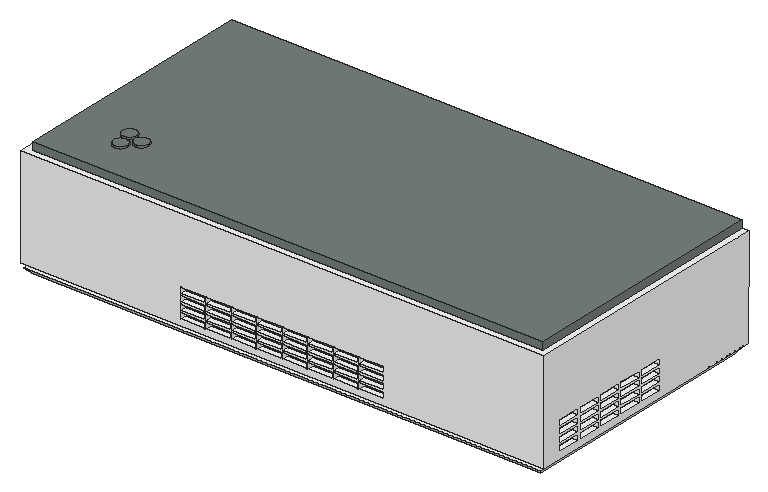
Revit family "AM 150 HBB", category Mechanical Equipment, Revit 2019
Family settings
  Round Connector Dimension = Use Diameter
  Part Type = Normal
  OmniClass Number = 23.75.00.00
  OmniClass Title = Climate Control (HVAC)
  Work Plane-Based = No
  Always vertical = Yes
  Cut with Voids When Loaded = No
  Shared = No
  Room Calculation Point = No
Parameters
  Weight (Standard Unit) = 47  # constant formula
  Water Heater Surface Return = 15 mm  # constant formula
  Water Heater Surface IN = 15 mm  # constant formula
  URL = "www.airmaster-as.com"
  Total Width = 1170 mm  # constant formula
  Total Hight = 262 mm  # constant formula
  T-C Duct Supply = 158 mm  # constant formula
  T-C Duct Exhaust = 158 mm  # constant formula
  Suply Air In = 125 mm  # constant formula
  R-C Duct Supply = 105 mm  # constant formula
  Phase 1 - Max Power Consumption = "1175 W"
  Phase 1 - Max Current = "7,97 A"
  Nominal current, electrical preheating surface = "4,35 A"
  Nominal current, electrical comfort heating surface = "2,17 A"
  Nominal current, air handling unit = "1,45 A"
  Network Conection = "AWG 24 CAT 5e STP"
  Model = "AM 150 HBB"
  Max. flow rate 35 dB(A) with ePM10 80% filters = 115.00 m³  # constant formula
  Max. flow rate 35 dB(A) with ePM10 55% filters = 126.00 m³  # constant formula
  Max. flow rate 35 dB(A) with ePM10 50% filters = 147.00 m³  # constant formula
  Max. flow rate 30 dB(A) with ePM10 80% filters = 85.00 m³  # constant formula
  Max. flow rate 30 dB(A) with ePM10 55% filters = 90.00 m³  # constant formula
  Max. flow rate 30 dB(A) with ePM10 50% filters = 115.00 m³  # constant formula
  Manufacturer = "Airmaster A/S"
  Maintenance [instance] = no
  L-C Duct Exhaust = 105 mm  # constant formula
  Exhaust Air = 125 mm  # constant formula
  Total Depth = 571 mm  # constant formula
  Electrical connection = "1 ~ 230 V / N / PE / 50 Hz"
  Drawn By = "LSB"
  Condensate = 6 mm  # constant formula
  BMS Panel = "(PTS) 2x2x0,6"
  BMS Out = "(PTS) 2x2x0,6"
  BMS IN = "(PTS) 2x2x0,6"
  Airlow area [instance] = no
Reference planes
  plane 1 "Center (Front/Back)": y = 0
  plane 2: z = 0
  plane 3 "Center (Left/Right)": x = 0
  plane 4 "Center L/S": y = -571
  plane 5 "Center L/T": x = -585
  plane 6 "Center L/U": x = 585
  plane 7 "TOP": z = 262
  plane 8 "Center L/V": x = -570
  plane 9 "Center L/W": y = -556
  plane 10 "Center L/X": x = 570
  plane 11 "Panel Buttom": z = 20.747
  plane 12 "Panel Top": z = 246.501
  plane 13 "Hatch": z = 14.5
Forms (mm)
  Extrusion 1, solid, material "AM Grey"
    sketch origin (0, 0, 0) x (1, 0, 0) y (0, 1, 0)
      loop
        line (-570, 0) -> (-570, -556) -> (570, -556) -> (570, 0) -> (-570, 0)
    from 14.5 to 262
  Extrusion 2, solid, material "AM White"
    sketch origin (794.5, -1524, 20.747) x (0, -1, 0) y (-1, 0, 0)
      loop
        line (-1524, 1379.5) -> (-1524, 1364.5) -> (-968, 1364.5) -> (-968, 224.5) -> (-1524, 224.5) -> (-1524, 209.5) -> (-953, 209.5) -> (-953, 1379.5) -> (-1524, 1379.5)
    from 0 to -225.754
  Blend 3, solid, material "AM White"
    base sketch origin (-790.646, -1524, 14.5) x (0, -1, 0) y (1, 0, 0)
      loop
        line (-953, 212.613) -> (-953, 1368.657) -> (-1524, 1368.657) -> (-1524, 212.613) -> (-953, 212.613)
    top sketch origin (-790.646, -1524, 14.5) x (0, -1, 0) y (1, 0, 0)
      loop
        line (-968, 223.963) -> (-968, 1357.646) -> (-1509.161, 1357.646) -> (-1509.161, 223.963) -> (-968, 223.963)
    from 0 to -14.5
  Extrusion 4, solid, material "AM Grey"
    sketch origin (-570, 0, 0) x (1, 0, 0) y (0, 0, -1)
      loop
        circle (1050, -104) r 62.5
    from 0 to 18.45
  Extrusion 5, solid, material "AM Grey"
    sketch origin (-785, 0, 0) x (1, 0, 0) y (0, 0, -1)
      loop
        circle (305, -104) r 62.5
    from 0 to 18.45
  Extrusion 6, solid, material "Maintenece", visible <- "Maintenance"
    sketch origin (-790.646, -1524, 0) x (1, 0, 0) y (0, -1, 0)
      loop
        line (205.646, -1524) -> (1375.646, -1524) -> (1375.646, -953) -> (205.646, -953) -> (205.646, -1524)
    from 0 to 1200
  Extrusion 7, solid, material "Maintenece", visible <- "Airlow area"
    sketch origin (590, 0, 24.45) x (0, -1, 0) y (0, 0, -1)
      loop
        line (0, -98.297) -> (571, -98.297) -> (571, 21) -> (0, 21) -> (0, -98.297)
    from 0 to 500
  Extrusion 8, solid, material "AM Grey"
    sketch origin (-876.982, -12.495, 262) x (1, 0, 0) y (0, 1, 0)
      loop
        circle (423.027, -417.273) r 15.55
    from 0 to 3
  Extrusion 9, solid, material "AM Grey"
    sketch origin (-866.134, 5.874, 262) x (1, 0, 0) y (0, 1, 0)
      loop
        circle (447.132, -446.023) r 15.55
    from 0 to 3
  Extrusion 10, solid, material "AM Grey"
    sketch origin (-855.713, -13.073, 262) x (1, 0, 0) y (0, 1, 0)
      loop
        circle (410.201, -452.535) r 15.55
    from 0 to 3
  Extrusion 11, void
    sketch origin (585, -571, 24.45) x (1, 0, 0) y (0, 0, -1)
      loop
        line (-811.5, -75.55) -> (-757.5, -75.55) -> (-757.5, -61.55) -> (-811.5, -61.55) -> (-811.5, -75.55)
      loop
        line (-811.5, -58.55) -> (-757.5, -58.55) -> (-757.5, -44.55) -> (-811.5, -44.55) -> (-811.5, -58.55)
      loop
        line (-811.5, -41.55) -> (-757.5, -41.55) -> (-757.5, -27.55) -> (-811.5, -27.55) -> (-811.5, -41.55)
      loop
        line (-811.5, -24.55) -> (-757.5, -24.55) -> (-757.5, -10.55) -> (-811.5, -10.55) -> (-811.5, -24.55)
      loop
        line (-754.5, -75.55) -> (-700.5, -75.55) -> (-700.5, -61.55) -> (-754.5, -61.55) -> (-754.5, -75.55)
      loop
        line (-754.5, -58.55) -> (-700.5, -58.55) -> (-700.5, -44.55) -> (-754.5, -44.55) -> (-754.5, -58.55)
      loop
        line (-754.5, -41.55) -> (-700.5, -41.55) -> (-700.5, -27.55) -> (-754.5, -27.55) -> (-754.5, -41.55)
      loop
        line (-754.5, -24.55) -> (-700.5, -24.55) -> (-700.5, -10.55) -> (-754.5, -10.55) -> (-754.5, -24.55)
      loop
        line (-697.5, -75.55) -> (-643.5, -75.55) -> (-643.5, -61.55) -> (-697.5, -61.55) -> (-697.5, -75.55)
      loop
        line (-697.5, -58.55) -> (-643.5, -58.55) -> (-643.5, -44.55) -> (-697.5, -44.55) -> (-697.5, -58.55)
      loop
        line (-697.5, -41.55) -> (-643.5, -41.55) -> (-643.5, -27.55) -> (-697.5, -27.55) -> (-697.5, -41.55)
      loop
        line (-697.5, -24.55) -> (-643.5, -24.55) -> (-643.5, -10.55) -> (-697.5, -10.55) -> (-697.5, -24.55)
      loop
        line (-640.5, -75.55) -> (-586.5, -75.55) -> (-586.5, -61.55) -> (-640.5, -61.55) -> (-640.5, -75.55)
      loop
        line (-640.5, -58.55) -> (-586.5, -58.55) -> (-586.5, -44.55) -> (-640.5, -44.55) -> (-640.5, -58.55)
      loop
        line (-640.5, -41.55) -> (-586.5, -41.55) -> (-586.5, -27.55) -> (-640.5, -27.55) -> (-640.5, -41.55)
      loop
        line (-640.5, -24.55) -> (-586.5, -24.55) -> (-586.5, -10.55) -> (-640.5, -10.55) -> (-640.5, -24.55)
      loop
        line (-583.5, -75.55) -> (-529.5, -75.55) -> (-529.5, -61.55) -> (-583.5, -61.55) -> (-583.5, -75.55)
      loop
        line (-583.5, -58.55) -> (-529.5, -58.55) -> (-529.5, -44.55) -> (-583.5, -44.55) -> (-583.5, -58.55)
      loop
        line (-583.5, -41.55) -> (-529.5, -41.55) -> (-529.5, -27.55) -> (-583.5, -27.55) -> (-583.5, -41.55)
      loop
        line (-583.5, -24.55) -> (-529.5, -24.55) -> (-529.5, -10.55) -> (-583.5, -10.55) -> (-583.5, -24.55)
      loop
        line (-526.5, -75.55) -> (-472.5, -75.55) -> (-472.5, -61.55) -> (-526.5, -61.55) -> (-526.5, -75.55)
      loop
        line (-526.5, -58.55) -> (-472.5, -58.55) -> (-472.5, -44.55) -> (-526.5, -44.55) -> (-526.5, -58.55)
      loop
        line (-526.5, -41.55) -> (-472.5, -41.55) -> (-472.5, -27.55) -> (-526.5, -27.55) -> (-526.5, -41.55)
      loop
        line (-526.5, -24.55) -> (-472.5, -24.55) -> (-472.5, -10.55) -> (-526.5, -10.55) -> (-526.5, -24.55)
      loop
        line (-469.5, -75.55) -> (-415.5, -75.55) -> (-415.5, -61.55) -> (-469.5, -61.55) -> (-469.5, -75.55)
      loop
        line (-469.5, -58.55) -> (-415.5, -58.55) -> (-415.5, -44.55) -> (-469.5, -44.55) -> (-469.5, -58.55)
      loop
        line (-469.5, -41.55) -> (-415.5, -41.55) -> (-415.5, -27.55) -> (-469.5, -27.55) -> (-469.5, -41.55)
      loop
        line (-469.5, -24.55) -> (-415.5, -24.55) -> (-415.5, -10.55) -> (-469.5, -10.55) -> (-469.5, -24.55)
      loop
        line (-412.5, -75.55) -> (-358.5, -75.55) -> (-358.5, -61.55) -> (-412.5, -61.55) -> (-412.5, -75.55)
      loop
        line (-412.5, -58.55) -> (-358.5, -58.55) -> (-358.5, -44.55) -> (-412.5, -44.55) -> (-412.5, -58.55)
      loop
        line (-412.5, -41.55) -> (-358.5, -41.55) -> (-358.5, -27.55) -> (-412.5, -27.55) -> (-412.5, -41.55)
      loop
        line (-412.5, -24.55) -> (-358.5, -24.55) -> (-358.5, -10.55) -> (-412.5, -10.55) -> (-412.5, -24.55)
    from 0 to 15
  Extrusion 12, void
    sketch origin (585, 0, 10.035) x (0, 1, 0) y (0, 0, -1)
      loop
        line (-529, -89.965) -> (-475, -89.965) -> (-475, -75.965) -> (-529, -75.965) -> (-529, -89.965)
      loop
        line (-529, -72.965) -> (-475, -72.965) -> (-475, -58.965) -> (-529, -58.965) -> (-529, -72.965)
      loop
        line (-529, -55.965) -> (-475, -55.965) -> (-475, -41.965) -> (-529, -41.965) -> (-529, -55.965)
      loop
        line (-529, -38.965) -> (-475, -38.965) -> (-475, -24.965) -> (-529, -24.965) -> (-529, -38.965)
      loop
        line (-472, -89.965) -> (-418, -89.965) -> (-418, -75.965) -> (-472, -75.965) -> (-472, -89.965)
      loop
        line (-472, -72.965) -> (-418, -72.965) -> (-418, -58.965) -> (-472, -58.965) -> (-472, -72.965)
      loop
        line (-472, -55.965) -> (-418, -55.965) -> (-418, -41.965) -> (-472, -41.965) -> (-472, -55.965)
      loop
        line (-472, -38.965) -> (-418, -38.965) -> (-418, -24.965) -> (-472, -24.965) -> (-472, -38.965)
      loop
        line (-415, -89.965) -> (-361, -89.965) -> (-361, -75.965) -> (-415, -75.965) -> (-415, -89.965)
      loop
        line (-415, -72.965) -> (-361, -72.965) -> (-361, -58.965) -> (-415, -58.965) -> (-415, -72.965)
      loop
        line (-415, -55.965) -> (-361, -55.965) -> (-361, -41.965) -> (-415, -41.965) -> (-415, -55.965)
      loop
        line (-415, -38.965) -> (-361, -38.965) -> (-361, -24.965) -> (-415, -24.965) -> (-415, -38.965)
      loop
        line (-358, -89.965) -> (-304, -89.965) -> (-304, -75.965) -> (-358, -75.965) -> (-358, -89.965)
      loop
        line (-358, -72.965) -> (-304, -72.965) -> (-304, -58.965) -> (-358, -58.965) -> (-358, -72.965)
      loop
        line (-358, -55.965) -> (-304, -55.965) -> (-304, -41.965) -> (-358, -41.965) -> (-358, -55.965)
      loop
        line (-358, -38.965) -> (-304, -38.965) -> (-304, -24.965) -> (-358, -24.965) -> (-358, -38.965)
      loop
        line (-301, -89.965) -> (-247, -89.965) -> (-247, -75.965) -> (-301, -75.965) -> (-301, -89.965)
      loop
        line (-301, -72.965) -> (-247, -72.965) -> (-247, -58.965) -> (-301, -58.965) -> (-301, -72.965)
      loop
        line (-301, -55.965) -> (-247, -55.965) -> (-247, -41.965) -> (-301, -41.965) -> (-301, -55.965)
      loop
        line (-301, -38.965) -> (-247, -38.965) -> (-247, -24.965) -> (-301, -24.965) -> (-301, -38.965)
    from 0 to 15
Cuts and joins
  Extrusion 11, Extrusion 12 cuts Extrusion 1
  Extrusion 11, Extrusion 12 cuts Extrusion 2
  Extrusion 12 cuts Extrusion 7
Dimensions and locks
  "Total Depth": plane 4 "Center L/S" to plane 1 "Center (Front/Back)"
  equal spacing: plane 5 "Center L/T", plane 3 "Center (Left/Right)", plane 6 "Center L/U"
  "Total Width": plane 5 "Center L/T" to plane 6 "Center L/U"
  "Total Hight": plane 7 "TOP" to level
  locked: plane 10 "Center L/X" to plane 6 "Center L/U" at 15
  locked: plane 4 "Center L/S" to plane 9 "Center L/W" at 15
  locked: plane 5 "Center L/T" to plane 8 "Center L/V" at 15
  Extrusion 1 to Blend 3 sketch curve = 14.839 mm
  "R-C Duct Supply": plane 6 "Center L/U" to Extrusion 4 sketch curve
  "T-C Duct Exhaust": Extrusion 5 sketch curve to plane 7 "TOP"
  "L-C Duct Exhaust": Extrusion 5 sketch curve to plane 5 "Center L/T"
  "T-C Duct Supply": plane 7 "TOP" to Extrusion 4 sketch curve
  plane 11 "Panel Buttom" to level = 20.747 mm
  plane 7 "TOP" to plane 12 "Panel Top" = 15.499 mm
  "Suply Air In": diameter of Extrusion 4 sketch curve
  "Exhaust Air": diameter of Extrusion 5 sketch curve
  aligned and locked: level to plane 2
  aligned and locked: plane 1 "Center (Front/Back)" to Extrusion 1 sketch curve
  aligned and locked: plane 8 "Center L/V" to Extrusion 1 sketch curve
  aligned and locked: Extrusion 1 sketch curve to plane 9 "Center L/W"
  aligned and locked: Extrusion 1 sketch curve to plane 10 "Center L/X"
  aligned and locked: plane 7 "TOP" to Extrusion 1
  aligned and locked: plane 5 "Center L/T" to Extrusion 2 sketch curve
  aligned and locked: plane 4 "Center L/S" to Extrusion 2 sketch curve
  aligned and locked: plane 6 "Center L/U" to Extrusion 2 sketch curve
  aligned and locked: Extrusion 2 sketch curve to Extrusion 1  (x3)
  aligned and locked: plane 1 "Center (Front/Back)" to Extrusion 2 sketch curve
  aligned and locked: Extrusion 2 to plane 12 "Panel Top"
  aligned and locked: Blend 3 to plane 2
  aligned and locked: plane 13 "Hatch" to Extrusion 1
Automatic sketch dimensions
  plane 1 "Center (Front/Back)" to Extrusion 2 sketch curve = 0 mm
  plane 1 "Center (Front/Back)" to Blend 3 sketch curve = 0 mm
  plane 4 "Center L/S" to Blend 3 sketch curve = 0 mm
  plane 5 "Center L/T" to Blend 3 sketch curve = 6.967 mm
  Blend 3 sketch curve to plane 6 "Center L/U" = 6.989 mm
  plane 9 "Center L/W" to Blend 3 sketch curve = 0 mm
  plane 8 "Center L/V" to Blend 3 sketch curve = 3.316 mm
  Blend 3 sketch curve to plane 10 "Center L/X" = 3 mm
  Extrusion 6 sketch curve to Blend 3 = 18.316 mm
  Extrusion 6 sketch curve to Blend 3 = 18 mm
  Extrusion 6 sketch curve to Blend 3 = 15 mm
  Extrusion 6 sketch curve to Blend 3 = 14.839 mm
  Extrusion 7 sketch curve to plane 1 "Center (Front/Back)" = 0 mm
  Extrusion 7 sketch curve to plane 4 "Center L/S" = 0 mm
  Extrusion 7 sketch curve to plane 11 "Panel Buttom" = 102 mm
  level to Extrusion 7 sketch curve = 3.45 mm
  Extrusion 8 sketch curve to Extrusion 1 = 1023.955 mm
  Extrusion 8 sketch curve to Extrusion 1 = 126.232 mm
  Extrusion 9 sketch curve to Extrusion 1 = 989.002 mm
  Extrusion 9 sketch curve to Extrusion 1 = 115.851 mm
  Extrusion 10 sketch curve to Extrusion 1 = 1015.512 mm
  Extrusion 10 sketch curve to Extrusion 1 = 90.392 mm
  Extrusion 11 sketch curve to Extrusion 2 = 79.253 mm  (x2)
  Extrusion 11 sketch curve to Extrusion 2 = 358.5 mm
  Extrusion 11 sketch curve to Extrusion 2 = 14.253 mm
  Extrusion 11 sketch curve to Extrusion 11 sketch curve = 0 mm  (x60)
  Extrusion 11 sketch curve to Extrusion 11 sketch curve = 54 mm  (x8)
  Extrusion 11 sketch curve to Extrusion 11 sketch curve = 3 mm  (x38)
  Extrusion 11 sketch curve to Extrusion 11 sketch curve = 14 mm  (x18)
  Extrusion 2 to Extrusion 12 sketch curve = 42 mm  (x2)
  Extrusion 12 sketch curve to Extrusion 12 sketch curve = 0 mm  (x36)
  Extrusion 12 sketch curve to Extrusion 12 sketch curve = 54 mm  (x5)
  Extrusion 12 sketch curve to Extrusion 12 sketch curve = 3 mm  (x23)
  Extrusion 12 sketch curve to Extrusion 2 = 79.253 mm  (x2)
  Extrusion 12 sketch curve to Extrusion 12 sketch curve = 14 mm  (x12)
  radius of Extrusion 8 sketch curve = 15.55 mm
  radius of Extrusion 9 sketch curve = 15.55 mm
  radius of Extrusion 10 sketch curve = 15.55 mm
Nested families
  nested 1: "Model Label 2019" at (0, -361.924, 0), Label <- "Model", type "Model Label 2019"
    with Label "AM 150 HBB"
  nested 2: "Pil Indtag" at (1100, -364, 0) x (-1, 0, 0) z (0, 0, 1), type "Pil Indtag"
    with dX_ 609 mm, dX 609 mm, ang2D 0.00°
  nested 3: "indblæssymbol" at (0, -621, 0) x (0, -1, 0) z (0, 0, 1), type "indblæssymbol"
    with dX_ 609 mm, dX 609 mm, ang2D 0.00°
Connectors
  electrical at (-453.955, -429.768, 262)
    settings: on Extrusion 8, index 13, voltage 230 V, apparent load 0 VA, apparent load phase1 0 VA, apparent load phase2 0 VA, apparent load phase3 0 VA, power factor 0.55, load classification "Other", number of poles 1, system type 30, power factor state 1, is connector primary yes, connector utility no, sub classification motor no, connector description ""
  electrical at (-419.002, -440.149, 262), driven by "BMS Out"
    settings: on Extrusion 9, index 14, voltage 0 V, apparent load 0 VA, apparent load phase1 0 VA, apparent load phase2 0 VA, apparent load phase3 0 VA, power factor 1, load classification "Other", number of poles 1, system type 5, power factor state 1, is connector primary no, connector utility no, sub classification motor no, connector description "(PTS) 2x2x0,6"
  electrical at (-445.512, -465.608, 262), driven by "BMS IN"
    settings: on Extrusion 10, index 15, voltage 0 V, apparent load 0 VA, apparent load phase1 0 VA, apparent load phase2 0 VA, apparent load phase3 0 VA, power factor 1, load classification "Other", number of poles 1, system type 5, power factor state 1, is connector primary no, connector utility no, sub classification motor no, connector description "(PTS) 2x2x0,6"
  hvac at (-480, 0, 104), driven by "Exhaust Air"
    settings: on Extrusion 5, index 16, duct flow 0.0 L/s, flow factor 0, pres drop 0.0 Pa, loss coef 0, conn angle 0.00°, conn width 304.8 mm, conn height 304.8 mm, conn diameter 125 mm, duct sys type 3, conn prof type 0, flow config 2, flow direction 2, loss method 0, conn ref index -1, conn util no, is conn primary yes, conn desc ""
  hvac at (480, 0, 104), driven by "Suply Air In"
    settings: on Extrusion 4, index 17, duct flow 0.0 L/s, flow factor 0, pres drop 0.0 Pa, loss coef 0, conn angle 0.00°, conn width 304.8 mm, conn height 304.8 mm, conn diameter 125 mm, duct sys type 1, conn prof type 0, flow config 2, flow direction 1, loss method 0, conn ref index -1, conn util no, is conn primary no, conn desc ""
Definition of nested family "Model Label 2019"
  Parameters (values of type "Model Label 2019")
    Label [instance] = ""
  Reference planes
    plane 1: y = 0
    plane 2: x = 0
  Text (mm)
    label "Label" at (-0.131, 0.049, 0), shows "Label"
Definition of nested family "Pil Indtag"
  Parameters (values of type "Pil Indtag")
    dX_ [instance] = if(dX = 0 mm, 1 mm, dX)  # 609 mm
    dX [instance] = 609 mm
    ang2D [instance] = 0.00°
    Type Comments = "DO NOT CHANGE dX value from 608 mm ( 2 ft )"
    Afstand pil = 50 mm
  Reference planes
    plane 1 "Center (Front/Back)": y = 0
    plane 2: z = 0
    plane 3 "Center (Left/Right)": x = 0
    plane 4: x = 500
  Lines and regions (mm)
    Filled region 1, type "Concrete", in view "Ref. Level"
      outline origin (0, 0, 0) x (1, 0, 0) y (0, 1, 0)
        loop
          line (499.552, 0) -> (401.072, 17.365) -> (401.072, -17.365) -> (499.552, 0)
    reference lines, in view "Ref. Level"
      curve 1: line (50, 134.129, 0) -> (50, -145.871, 0)
    detail lines, in view "Ref. Level", not visible
      curve 2: arc (335, 0, 0) -> (385.559, -50.321, 0) -> (434.999, 1.101, 0) r 50.01
      curve 3: arc (335, 0, 0) -> (285.666, 52.633, 0) -> (235.069, 1.212, 0) r 50.01
      curve 4: line (434.999, 1.101, 0) -> (434.999, 21.156, 0)
      curve 5: line (235.069, 1.212, 0) -> (235.069, -18.844, 0)
    detail lines, in view "Ref. Level"
      curve 6: arc (225.332, 0, 0) -> (272.332, -35.211, 0) -> (294.114, 19.326, 0) r 36.995
      curve 7: arc (225.206, 0, 0) -> (173.868, 30.307, 0) -> (156.85, -26.829, 0) r 37.835
      curve 8: line (499.552, 0, 0) -> (401.072, 17.365, 0)
      curve 9: line (401.072, 17.365, 0) -> (401.072, -17.365, 0)
      curve 10: line (401.072, -17.365, 0) -> (499.552, 0, 0)
      curve 11: line (499.552, 0, 0) -> (-15.448, 0, 0)
  Dimensions and locks
    "Afstand pil": plane 3 "Center (Left/Right)" to curve 1
    plane 3 "Center (Left/Right)" to plane 4 = 500 mm
  Automatic sketch dimensions
    plane 1 "Center (Front/Back)" to Filled region 1 sketch curve = 0 mm
    Filled region 1 sketch curve to plane 4 = 0.448 mm
    plane 1 "Center (Front/Back)" to Filled region 1 sketch curve = 17.365 mm
    Filled region 1 sketch curve to plane 4 = 98.928 mm
    Filled region 1 sketch curve to plane 1 "Center (Front/Back)" = 17.365 mm
    plane 1 "Center (Front/Back)" to curve 11 = 0 mm
    plane 1 "Center (Front/Back)" to curve 7 = 4.913 mm
    plane 3 "Center (Left/Right)" to curve 7 = 187.691 mm
    curve 6 to plane 1 "Center (Front/Back)" = 0.405 mm
    curve 7 to curve 6 = 74.634 mm
    curve 9 to plane 1 "Center (Front/Back)" = 17.365 mm
    curve 9 to plane 4 = 98.928 mm
    curve 11 to plane 4 = 0.448 mm
    plane 1 "Center (Front/Back)" to curve 10 = 17.365 mm
    curve 7 to curve 7 = 30.842 mm
    curve 11 to plane 3 "Center (Left/Right)" = 15.448 mm
    curve 7 to curve 6 = 37.119 mm
    curve 7 to curve 6 = 0.126 mm
    curve 6 to plane 1 "Center (Front/Back)" = 19.326 mm
    plane 1 "Center (Front/Back)" to curve 1 = 145.871 mm
    curve 1 to plane 1 "Center (Front/Back)" = 134.129 mm
Definition of nested family "indblæssymbol"
  Parameters (values of type "indblæssymbol")
    dX_ [instance] = if(dX = 0 mm, 1 mm, dX)  # 609 mm
    dX [instance] = 609 mm
    ang2D [instance] = 0.00°
    Type Comments = "DO NOT CHANGE dX value from 608 mm ( 2 ft )"
    Afstand pil = 50 mm
  Reference planes
    plane 1 "Center (Front/Back)": y = 0
    plane 2: z = 0
    plane 3 "Center (Left/Right)": x = 0
  Lines and regions (mm)
    Filled region 1, type "Concrete", in view "Ref. Level"
      outline origin (50.005, 0, 0) x (1, 0, 0) y (0, 1, 0)
        loop
          line (399.995, 0.414) -> (301.442, 17.365) -> (301.588, -17.365) -> (399.995, 0.414)
    reference lines, in view "Ref. Level"
      curve 1: line (50, 134.129, 0) -> (50, -145.871, 0)
    detail lines, in view "Ref. Level"
      curve 2: line (351.52, 0, 0) -> (50, 0, 0)
  Dimensions and locks
    "Afstand pil": plane 3 "Center (Left/Right)" to curve 1
    curve 1 to Filled region 1 = 400 mm
  Automatic sketch dimensions
    Filled region 1 sketch curve to plane 1 "Center (Front/Back)" = 0.414 mm
    plane 3 "Center (Left/Right)" to Filled region 1 sketch curve = 450 mm
    plane 1 "Center (Front/Back)" to Filled region 1 sketch curve = 17.365 mm
    Filled region 1 sketch curve to Filled region 1 sketch curve = 98.407 mm
    Filled region 1 sketch curve to plane 1 "Center (Front/Back)" = 17.365 mm
    Filled region 1 sketch curve to Filled region 1 sketch curve = 0.146 mm
    plane 1 "Center (Front/Back)" to curve 2 = 0 mm
    plane 3 "Center (Left/Right)" to curve 2 = 50 mm
    curve 2 to curve 2 = 301.52 mm
    plane 1 "Center (Front/Back)" to curve 1 = 145.871 mm
    curve 1 to plane 1 "Center (Front/Back)" = 134.129 mm
